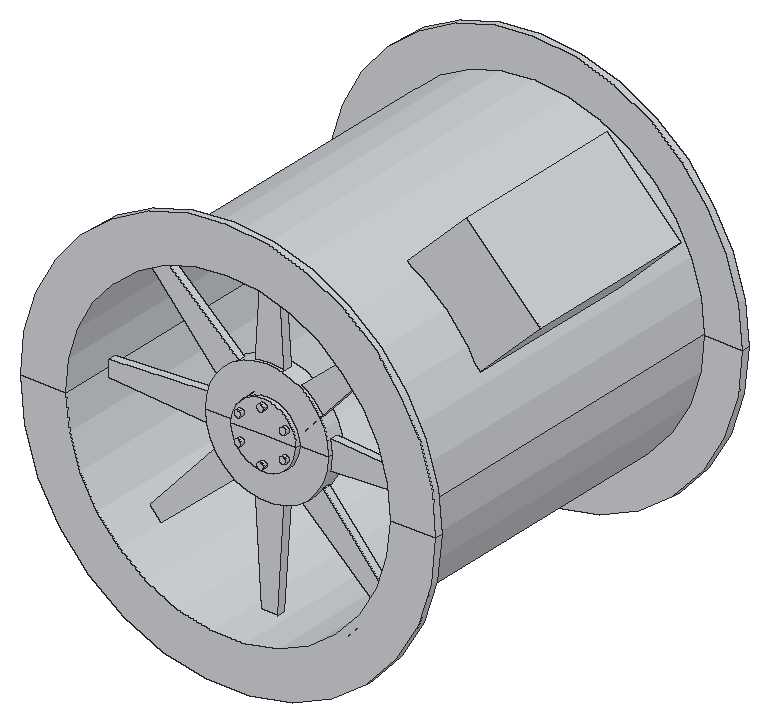
Revit family "CADS_Vent-Axia_MechEquip_Fan_LCA_250_3Ph2P - EXTRACT", category Mechanical Equipment, Revit 2020
Family settings
  Round Connector Dimension = Use Diameter
  Part Type = Normal
  OmniClass Number = 23.75.00.00
  OmniClass Title = Climate Control (HVAC)
  Work Plane-Based = No
  Always vertical = Yes
  Cut with Voids When Loaded = No
  Shared = No
  Room Calculation Point = No
Parameters (values of type "LCA253225")
  nr = NominalDiameter / 2  # 125 mm
  WorkingPressure = 0.0 Pa
  WarrantyStartDate [instance] = "1900-12-31T23:59:59"
  WarrantyPeriod = ""
  WarrantyIdentifier = "N/A"
  WarrantyGuarantorParts = "tech@vent-axia.com"
  WarrantyGuarantorLabor = "tech@vent-axia.com"
  WarrantyGuarantor = "Vent-Axia Limited"
  WarrantyEndDate [instance] = "1900-12-31T23:59:59"
  WarrantyContent = ""
  TemperatureRange = ""
  TagNumber [instance] = "N/A"
  SustainabilityPerformance = ""
  Status = "New"
  Size = ""
  Shape = ""
  ServiceLifeType = ""
  ServiceLifeDuration = ""
  SerialNumber [instance] = "N/A"
  ReplacementCost = ""
  RatedVoltage = 0 V
  RatedCurrent = 0 A
  Quantity = 1
  ProductionYear = ""
  PressureCurve = ""
  PowerFactor = ""
  PointOfContact = ""
  NumberOfPoles = 0
  NominalWidth = 250 mm
  NominalLength = 300 mm
  NominalHeight = 250 mm
  NominalFrequencyRange = ""
  NominalDiameter = 250 mm
  ModelReference = "LCAX 250mm 3PH 2P 25DEG"
  ModelNumber = "LCA253225"
  Material = ""
  ManufacturerE-Mail = "tech@vent-axia.com"
  ManufacturerAddress = "Fleming Way\nCrawley \nRH10 9YX"
  IsExtendedWarranty = no
  InsulationStandardClass = ""
  InstallationDate [instance] = "1900-12-31T23:59:59"
  IfcExportType [instance] = ""
  IfcExportAs = "IfcFanType"
  IP_Code = ""
  HasProtectiveEarth = no
  GrossWeight = 0.00 kg
  Grade = ""
  GlobalTradeItemNumber [instance] = "N/A"
  Fitting Type = "Ignore"
  Finish = ""
  Features = ""
  ExteriorInsulation = no
  ExpectedServiceLife = 0
  Exclusions = ""
  DurationUnit = "Year"
  Default Elevation = 0 mm
  Constituents = ""
  ConductorFunction = ""
  Color = ""
  CodePerformance = ""
  Category = ""
  CADS_Usage = 0
  CADS_Index = 0
  AssetType = "FIXED"
  AssetIdentifier [instance] = "N/A"
  AssemblyPlace = "UNKNOWN"
  ArticleNumber [instance] = "N/A"
  AirflowRateRange = 0.0 L/s
  Air Flow [instance] = 0.0 L/s
  AccessibilityPerformance = ""
Types (4, lengths in mm): name | ModelReference | ModelNumber
  LCA253225 | "LCAX 250mm 3PH 2P 25DEG" | "LCA253225"
  LCA253230 | "LCAX 250mm 3PH 2P 30DEG" | "LCA253230"
  LCA253235 | "LCAX 250mm 3PH 2P 35DEG" | "LCA253235"
  LCA253240 | "LCAX 250mm 3PH 2P 40DEG" | "LCA253240"
Reference planes
  plane 1 "Center (Front/Back)": y = 0
  plane 2: z = 0
  plane 3 "Center (Left/Right)": x = 0
  plane 4: x = -125
  plane 5: x = 125
  plane 6 "F": y = -150
  plane 7 "B": y = 150
  plane 8: x = -160
  plane 9: y = 145
  plane 10: y = -145
  plane 11: x = -130
  plane 12: y = -110
  plane 13 "top": z = 125
  plane 14: z = -125
  plane 15 "45deg": through (0, -1524, 0) normal (-0.7071, 0, -0.7071)
  plane 16 "C": through (0, -1524, 0) normal (-0.7071, 0, 0.7071)
Forms (mm)
  Revolve 1, solid
    sketch origin (0, 0, 0) x (1, 0, 0) y (0, 1, 0)
      loop
        line (-160, -150) -> (-125, -150) -> (-125, 150) -> (-160, 150) -> (-160, 145) -> (-130, 145) -> (-130, -145) -> (-160, -145) -> (-160, -150)
      axis (0, 150) -> (0, -150)
    angle from 0 to 360
  Sweep 2, solid
    path origin (0, 0, 0) x (1, 0, 0) y (0, 0, 1)
      loop
        line (88.388, 88.388) -> (134.35, 134.35)
    profile origin (111.369, 0, 111.369) x (-0.707107, 0, 0.707107) y (0, -1, 0)
      loop
        line (37.5, 55) -> (-42.73, 55) -> (-42.73, -79.5) -> (37.5, -79.5) -> (37.5, 55)
Dimensions and locks
  equal spacing: plane 4, plane 3 "Center (Left/Right)", plane 5
  equal spacing: plane 7 "B", plane 1 "Center (Front/Back)", plane 6 "F"
  "NominalLength": plane 7 "B" to plane 6 "F"
  "NominalDiameter": plane 4 to plane 5
  locked: plane 11 to plane 4 at 5
  locked: plane 8 to plane 11 at 30
  locked: plane 6 "F" to plane 10 at 5
  locked: plane 7 "B" to plane 9 at 5
  locked: plane 6 "F" to plane 12 at 40
  equal spacing: plane 13 "top", level, plane 14
  "NominalDiameter": plane 13 "top" to plane 14
  "nr": Sweep 2 sketch curve to nested 13
  Sweep 2 sketch curve to Sweep 2 sketch curve = 65 mm
  aligned and locked: level to plane 2
  aligned and locked: nested 1 to plane 12
Automatic sketch dimensions
  plane 6 "F" to Revolve 1 sketch curve = 0 mm
  Revolve 1 sketch curve to plane 8 = 0 mm  (x2)
  plane 10 to Revolve 1 sketch curve = 0 mm
  Revolve 1 sketch curve to plane 11 = 0 mm
  Revolve 1 sketch curve to plane 4 = 0 mm
  Revolve 1 sketch curve to plane 3 "Center (Left/Right)" = 0 mm
  plane 1 "Center (Front/Back)" to Revolve 1 sketch curve = 0 mm
  Revolve 1 sketch curve to plane 9 = 0 mm
  Revolve 1 sketch curve to plane 7 "B" = 0 mm
  plane 6 "F" to Revolve 1 sketch curve = 115 mm
  plane 1 "Center (Front/Back)" to Sweep 2 sketch curve = 55 mm
  Sweep 2 sketch curve to profile plane = 37.5 mm
  Sweep 2 sketch curve to Sweep 2 sketch curve = 80.23 mm
  Sweep 2 sketch curve to Sweep 2 sketch curve = 134.5 mm
  Sweep 2 sketch curve to plane 16 "C" = 0 mm  (x2)
Nested families
  nested 1: "Fan for ESC" at (0, -110, 0), ND <- "NominalDiameter", type "Fan for ESC"
    with hub 25 mm, ND 250 mm, BoltPCD 20 mm, Bolt Count 6, B_Diam 5 mm
  nested 2: "Bolts" at (17.321, -119.172, -10) x (-0.5, 0, -0.866) z (0, 1, 0), type "Bolts"
    with bd 5 mm
  nested 3: "Bolts" at (0, -119.172, -20) x (-1, 0, 0) z (0, 1, 0), type "Bolts"
    with bd 5 mm
  nested 4: "Bolts" at (-17.321, -119.172, -10) x (-0.5, 0, 0.866) z (0, 1, 0), type "Bolts"
    with bd 5 mm
  nested 5: "Bolts" at (-17.321, -119.172, 10) x (0.5, 0, 0.866) z (0, 1, 0), type "Bolts"
    with bd 5 mm
  nested 6: "Bolts" at (17.321, -119.172, 10) x (0.5, 0, -0.866) z (0, 1, 0), type "Bolts"
    with bd 5 mm
  nested 7: "Bolts" at (0, -119.172, 20) x (1, 0, 0) z (0, 1, 0), type "Bolts"
    with bd 5 mm
  nested 8: "ESC Blade" at (0, -110, 0), type "ESC Blade"
    with a 20.00°, HR 25 mm, HD 50 mm, BT 12.5 mm, BR 100 mm, BH 40 mm, BD 250 mm, BB 25 mm
  nested 9: "ESC Blade" at (0, -110, 0) x (0.7071, 0, -0.7071) z (0.7071, 0, 0.7071), type "ESC Blade"
    with a 20.00°, HR 25 mm, HD 50 mm, BT 12.5 mm, BR 100 mm, BH 40 mm, BD 250 mm, BB 25 mm
  nested 10: "ESC Blade" at (0, -110, 0) x (0, 0, -1) z (1, 0, 0), type "ESC Blade"
    with a 20.00°, HR 25 mm, HD 50 mm, BT 12.5 mm, BR 100 mm, BH 40 mm, BD 250 mm, BB 25 mm
  nested 11: "ESC Blade" at (0, -110, 0) x (-0.7071, 0, -0.7071) z (0.7071, 0, -0.7071), type "ESC Blade"
    with a 20.00°, HR 25 mm, HD 50 mm, BT 12.5 mm, BR 100 mm, BH 40 mm, BD 250 mm, BB 25 mm
  nested 12: "ESC Blade" at (0, -110, 0) x (-1, 0, 0) z (0, 0, -1), type "ESC Blade"
    with a 20.00°, HR 25 mm, HD 50 mm, BT 12.5 mm, BR 100 mm, BH 40 mm, BD 250 mm, BB 25 mm
  nested 13: "ESC Blade" at (0, -110, 0) x (-0.7071, 0, -0.7071) z (-0.7071, 0, 0.7071), type "ESC Blade"
    with a 20.00°, HR 25 mm, HD 50 mm, BT 12.5 mm, BR 100 mm, BH 40 mm, BD 250 mm, BB 25 mm
  nested 14: "ESC Blade" at (0, -110, 0) x (0, 0, -1) z (-1, 0, 0), type "ESC Blade"
    with a 20.00°, HR 25 mm, HD 50 mm, BT 12.5 mm, BR 100 mm, BH 40 mm, BD 250 mm, BB 25 mm
  nested 15: "ESC Blade" at (0, -110, 0) x (0.7071, 0, -0.7071) z (-0.7071, 0, -0.7071), type "ESC Blade"
    with a 20.00°, HR 25 mm, HD 50 mm, BT 12.5 mm, BR 100 mm, BH 40 mm, BD 250 mm, BB 25 mm
Connectors
  hvac at (0, -150, 0), driven by "NominalDiameter", driven by "Air Flow"
    settings: on Revolve 1, index 1, duct flow 0.0 L/s, flow factor 0, pres drop 0.0 Pa, loss coef 0, conn angle 0.00°, conn width 304.8 mm, conn height 304.8 mm, conn diameter 250 mm, duct sys type 2, conn prof type 0, flow config 0, flow direction 1, loss method 0, conn ref index -1, conn util no, is conn primary yes, conn desc ""
  hvac at (0, 150, 0), driven by "NominalDiameter", driven by "Air Flow"
    settings: on Revolve 1, index 2, duct flow 0.0 L/s, flow factor 0, pres drop 0.0 Pa, loss coef 0, conn angle 0.00°, conn width 304.8 mm, conn height 304.8 mm, conn diameter 250 mm, duct sys type 3, conn prof type 0, flow config 1, flow direction 2, loss method 0, conn ref index -1, conn util no, is conn primary no, conn desc ""
Definition of nested family "Fan for ESC"
  Parameters (values of type "Fan for ESC")
    hub [instance] = ND / 10  # 56.7 mm
    ND [instance] = 567 mm
    Model = "."
    Default Elevation = 0 mm
    BoltPCD [instance] = hub - (hub * 0.2)  # 45.36 mm
    Bolt Count [instance] = if(hub < 50 mm, 6, 8)  # 8
    B_Diam [instance] = if(hub < 50 mm, 5 mm, 10 mm)  # 10 mm
  Reference planes
    plane 1 "Center (Front/Back)": y = 0
    plane 2: z = 0
    plane 3 "Center (Left/Right)": x = 0
    plane 4 "back": y = 20
    plane 5 "bolts": y = -9.172
    plane 6 "B": z = 56.7
    plane 7: x = -79.287
    plane 8: x = -56.7
    plane 9 "hubface": y = -6.172
  Forms (mm)
    Revolve 1, solid
      sketch origin (0, 0, 0) x (1, 0, 0) y (0, 1, 0)
        loop
          line (0, 20) -> (-56.7, 20) -> (-56.7, 10.504) -> (-79.287, 10.504) -> (-79.287, -2.597) -> (-56.7, -2.597) -> (-56.7, -6.172) -> (0, -6.172) -> (0, 20)
        axis (0, 20) -> (0, -6.172)
      angle from 0 to 360
    Extrusion 2, solid, not visible
      sketch origin (0, -6.347, -4) x (-1, 0, 0) y (0, 0, 1)
        loop
          circle (0, 84) r 5
      from 0 to 3
  Lines and regions (mm)
    symbolic lines
      curve 1: circle (0, -9.172, 0) r 45.36 normal (0, 1, 0)
    model lines, not visible
      curve 2: line (0, -6.347, 85) -> (0, -6.347, 75)
  Dimensions and locks
    "hub": plane 6 "B" to plane 2
    "hub": nested 3 to plane 3 "Center (Left/Right)"
    "hub": nested 4 to plane 3 "Center (Left/Right)"
    "hub": nested 5 to plane 3 "Center (Left/Right)"
    "hub": plane 3 "Center (Left/Right)" to nested 6
    "hub": Revolve 1 sketch curve to Revolve 1 sketch curve
    "hub": plane 3 "Center (Left/Right)" to nested 7
    "hub": plane 3 "Center (Left/Right)" to nested 8
    "hub": plane 3 "Center (Left/Right)" to nested 9
    "hub": plane 8 to plane 3 "Center (Left/Right)"
    plane 7 to plane 8 = 22.587 mm
    diameter of Extrusion 2 sketch curve = 10 mm
    "BoltPCD": radius of curve 1
    "BoltPCD": radius of radial array
    aligned and locked: level to plane 2
    aligned and locked: plane 6 "B" to nested 1
  Automatic sketch dimensions
    Revolve 1 sketch curve to plane 7 = 0 mm
    Revolve 1 sketch curve to plane 8 = 0 mm  (x2)
    Revolve 1 sketch curve to plane 3 "Center (Left/Right)" = 0 mm
    Revolve 1 sketch curve to plane 9 "hubface" = 0 mm
    plane 4 "back" to Revolve 1 sketch curve = 0 mm
    plane 1 "Center (Front/Back)" to Revolve 1 sketch curve = 2.597 mm
    plane 4 "back" to Revolve 1 sketch curve = 9.496 mm
    Revolve 1 sketch curve to Revolve 1 sketch curve = 5 mm
    Revolve 1 sketch curve to plane 4 "back" = 45 mm
    curve 1 to level = 0 mm
    curve 1 to plane 3 "Center (Left/Right)" = 0 mm
  Nested families
    nested 1: "ESC Blade" at (0, 0, 0), BD <- "ND", HD <- "hub", type "ESC Blade"
      with a 20.00°, HR 56.7 mm, HD 113.4 mm, BT 28.35 mm, BR 226.8 mm, BH 40 mm, BD 567 mm, BB 56.7 mm
    nested 2: "ESC Blade" at (0, 0, 755), BD <- "ND", HD <- "hub", type "ESC Blade", not visible
      with a 20.00°, HR 56.7 mm, HD 113.4 mm, BT 28.35 mm, BR 226.8 mm, BH 40 mm, BD 567 mm, BB 56.7 mm
    nested 3: "ESC Blade" at (0, 0, 0) x (0.7071, 0, -0.7071) z (0.7071, 0, 0.7071), BD <- "ND", HD <- "hub", type "ESC Blade"
      with a 20.00°, HR 56.7 mm, HD 113.4 mm, BT 28.35 mm, BR 226.8 mm, BH 40 mm, BD 567 mm, BB 56.7 mm
    nested 4: "ESC Blade" at (0, 0, 0) x (0, 0, -1) z (1, 0, 0), BD <- "ND", HD <- "hub", type "ESC Blade"
      with a 20.00°, HR 56.7 mm, HD 113.4 mm, BT 28.35 mm, BR 226.8 mm, BH 40 mm, BD 567 mm, BB 56.7 mm
    nested 5: "ESC Blade" at (0, 0, 0) x (-0.7071, 0, -0.7071) z (0.7071, 0, -0.7071), BD <- "ND", HD <- "hub", type "ESC Blade"
      with a 20.00°, HR 56.7 mm, HD 113.4 mm, BT 28.35 mm, BR 226.8 mm, BH 40 mm, BD 567 mm, BB 56.7 mm
    nested 6: "ESC Blade" at (0, 0, 0) x (-1, 0, 0) z (0, 0, -1), BD <- "ND", HD <- "hub", type "ESC Blade"
      with a 20.00°, HR 56.7 mm, HD 113.4 mm, BT 28.35 mm, BR 226.8 mm, BH 40 mm, BD 567 mm, BB 56.7 mm
    nested 7: "ESC Blade" at (0, 0, 0) x (-0.7071, 0, -0.7071) z (-0.7071, 0, 0.7071), BD <- "ND", HD <- "hub", type "ESC Blade"
      with a 20.00°, HR 56.7 mm, HD 113.4 mm, BT 28.35 mm, BR 226.8 mm, BH 40 mm, BD 567 mm, BB 56.7 mm
    nested 8: "ESC Blade" at (0, 0, 0) x (0, 0, -1) z (-1, 0, 0), BD <- "ND", HD <- "hub", type "ESC Blade"
      with a 20.00°, HR 56.7 mm, HD 113.4 mm, BT 28.35 mm, BR 226.8 mm, BH 40 mm, BD 567 mm, BB 56.7 mm
    nested 9: "ESC Blade" at (0, 0, 0) x (0.7071, 0, -0.7071) z (-0.7071, 0, -0.7071), BD <- "ND", HD <- "hub", type "ESC Blade"
      with a 20.00°, HR 56.7 mm, HD 113.4 mm, BT 28.35 mm, BR 226.8 mm, BH 40 mm, BD 567 mm, BB 56.7 mm
    nested 10: "Bolts" at (0, -9.172, 45.36) x (1, 0, 0) z (0, 1, 0), bd <- "B_Diam", type "Bolts"
      with bd 10 mm
    nested 11: "Bolts" at (32.074, -9.172, 32.074) x (0.7071, 0, -0.7071) z (0, 1, 0), bd <- "B_Diam", type "Bolts"
      with bd 10 mm
    nested 12: "Bolts" at (-32.074, -9.172, 32.074) x (0.7071, 0, 0.7071) z (0, 1, 0), bd <- "B_Diam", type "Bolts"
      with bd 10 mm
    nested 13: "Bolts" at (-45.36, -9.172, 0) x (0, 0, 1) z (0, 1, 0), bd <- "B_Diam", type "Bolts"
      with bd 10 mm
    nested 14: "Bolts" at (-32.074, -9.172, -32.074) x (-0.7071, 0, 0.7071) z (0, 1, 0), bd <- "B_Diam", type "Bolts"
      with bd 10 mm
    nested 15: "Bolts" at (0, -9.172, -45.36) x (-1, 0, 0) z (0, 1, 0), bd <- "B_Diam", type "Bolts"
      with bd 10 mm
    nested 16: "Bolts" at (32.074, -9.172, -32.074) x (-0.7071, 0, -0.7071) z (0, 1, 0), bd <- "B_Diam", type "Bolts"
      with bd 10 mm
    nested 17: "Bolts" at (45.36, -9.172, 0) x (0, 0, -1) z (0, 1, 0), bd <- "B_Diam", type "Bolts"
      with bd 10 mm
  Definition of nested family "ESC Blade"
    Parameters (values of type "ESC Blade")
      a [instance] = 20.00°
      HR [instance] = HD / 2  # 30 mm
      HD [instance] = BD / 5  # 60 mm
      Default Elevation = 1219.2 mm
      BT [instance] = BD / 20  # 15 mm
      BR [instance] = (BD / 2) - HR  # 120 mm
      BH [instance] = 40 mm
      BD [instance] = 300 mm
      BB [instance] = BD / 10  # 30 mm
    Reference planes
      plane 1 "Center (Front/Back)": y = 0
      plane 2: z = 0
      plane 3 "Center (Left/Right)": x = 0
      plane 4 "Blade Bot": z = 30
      plane 5: x = -15
      plane 6: x = 15
      plane 7: x = -7.5
      plane 8: x = 7.5
    Forms (mm)
      Blend 1, solid
        base sketch origin (0, 0, 30) x (-1, 0, 0) y (0, -1, 0)
          loop
            line (15, 0) -> (-15, 0) -> (-15, -6) -> (15, -6) -> (15, 0)
        top sketch origin (0, 0, 30) x (-1, 0, 0) y (0, -1, 0)
          loop
            line (7.5, -6) -> (7.5, 0) -> (-7.5, 0) -> (-7.5, -6) -> (7.5, -6)
        from 0 to 120 <- "BR"
    Dimensions and locks
      "HR": plane 4 "Blade Bot" to level
      equal spacing: plane 8, plane 3 "Center (Left/Right)", plane 7
      "BT": plane 8 to plane 7
      equal spacing: plane 6, plane 3 "Center (Left/Right)", plane 5
      "BB": plane 6 to plane 5
      aligned and locked: level to plane 2
    Automatic sketch dimensions
      plane 1 "Center (Front/Back)" to Blend 1 sketch curve = 0 mm  (x2)
      Blend 1 sketch curve to plane 6 = 0 mm
      Blend 1 sketch curve to plane 5 = 0 mm
      Blend 1 sketch curve to plane 1 "Center (Front/Back)" = 6 mm  (x2)
      Blend 1 sketch curve to plane 8 = 0 mm
      Blend 1 sketch curve to plane 7 = 0 mm
  Definition of nested family "Bolts"
    Parameters
      bd [instance] = 10 mm
      Default Elevation = 1219.2 mm
    Reference planes
      plane 1 "Center (Front/Back)": y = 0
      plane 2: z = 0
      plane 3 "Center (Left/Right)": x = 0
    Forms (mm)
      Extrusion 1, solid
        sketch origin (0, 0, 0) x (1, 0, 0) y (0, 1, 0)
          loop
            line (-1219.2, 1219.2) -> (-1219.2, -1219.2) -> (1219.2, -1219.2) -> (1219.2, 1219.2) -> (-1219.2, 1219.2)
        from 0 to -304.8
      Extrusion 2, solid
        sketch origin (0, 0, 0) x (1, 0, 0) y (0, 1, 0)
          loop
            circle (0, 0) r 5
        from 0 to 3
    Dimensions and locks
      "bd": diameter of Extrusion 2 sketch curve
      aligned and locked: plane 2 to Extrusion 1
      aligned and locked: level to Extrusion 1
    Automatic sketch dimensions
      Extrusion 1 sketch curve to Extrusion 1 sketch curve = 2438.4 mm  (x2)
      plane 1 "Center (Front/Back)" to Extrusion 2 sketch curve = 0 mm
      Extrusion 2 sketch curve to plane 3 "Center (Left/Right)" = 0 mm
Definition of nested family "Bolts"
  Parameters
    bd [instance] = 10 mm
    Default Elevation = 1219.2 mm
  Reference planes
    plane 1 "Center (Front/Back)": y = 0
    plane 2: z = 0
    plane 3 "Center (Left/Right)": x = 0
  Forms (mm)
    Extrusion 1, solid
      sketch origin (0, 0, 0) x (1, 0, 0) y (0, 1, 0)
        loop
          line (-1219.2, 1219.2) -> (-1219.2, -1219.2) -> (1219.2, -1219.2) -> (1219.2, 1219.2) -> (-1219.2, 1219.2)
      from 0 to -304.8
    Extrusion 2, solid
      sketch origin (0, 0, 0) x (1, 0, 0) y (0, 1, 0)
        loop
          circle (0, 0) r 5
      from 0 to 3
  Dimensions and locks
    "bd": diameter of Extrusion 2 sketch curve
    aligned and locked: plane 2 to Extrusion 1
    aligned and locked: level to Extrusion 1
  Automatic sketch dimensions
    Extrusion 1 sketch curve to Extrusion 1 sketch curve = 2438.4 mm  (x2)
    plane 1 "Center (Front/Back)" to Extrusion 2 sketch curve = 0 mm
    Extrusion 2 sketch curve to plane 3 "Center (Left/Right)" = 0 mm
Definition of nested family "ESC Blade"
  Parameters (values of type "ESC Blade")
    a [instance] = 20.00°
    HR [instance] = HD / 2  # 30 mm
    HD [instance] = BD / 5  # 60 mm
    Default Elevation = 1219.2 mm
    BT [instance] = BD / 20  # 15 mm
    BR [instance] = (BD / 2) - HR  # 120 mm
    BH [instance] = 40 mm
    BD [instance] = 300 mm
    BB [instance] = BD / 10  # 30 mm
  Reference planes
    plane 1 "Center (Front/Back)": y = 0
    plane 2: z = 0
    plane 3 "Center (Left/Right)": x = 0
    plane 4 "Blade Bot": z = 30
    plane 5: x = -15
    plane 6: x = 15
    plane 7: x = -7.5
    plane 8: x = 7.5
  Forms (mm)
    Blend 1, solid
      base sketch origin (0, 0, 30) x (-1, 0, 0) y (0, -1, 0)
        loop
          line (15, 0) -> (-15, 0) -> (-15, -6) -> (15, -6) -> (15, 0)
      top sketch origin (0, 0, 30) x (-1, 0, 0) y (0, -1, 0)
        loop
          line (7.5, -6) -> (7.5, 0) -> (-7.5, 0) -> (-7.5, -6) -> (7.5, -6)
      from 0 to 120 <- "BR"
  Dimensions and locks
    "HR": plane 4 "Blade Bot" to level
    equal spacing: plane 8, plane 3 "Center (Left/Right)", plane 7
    "BT": plane 8 to plane 7
    equal spacing: plane 6, plane 3 "Center (Left/Right)", plane 5
    "BB": plane 6 to plane 5
    aligned and locked: level to plane 2
  Automatic sketch dimensions
    plane 1 "Center (Front/Back)" to Blend 1 sketch curve = 0 mm  (x2)
    Blend 1 sketch curve to plane 6 = 0 mm
    Blend 1 sketch curve to plane 5 = 0 mm
    Blend 1 sketch curve to plane 1 "Center (Front/Back)" = 6 mm  (x2)
    Blend 1 sketch curve to plane 8 = 0 mm
    Blend 1 sketch curve to plane 7 = 0 mm
